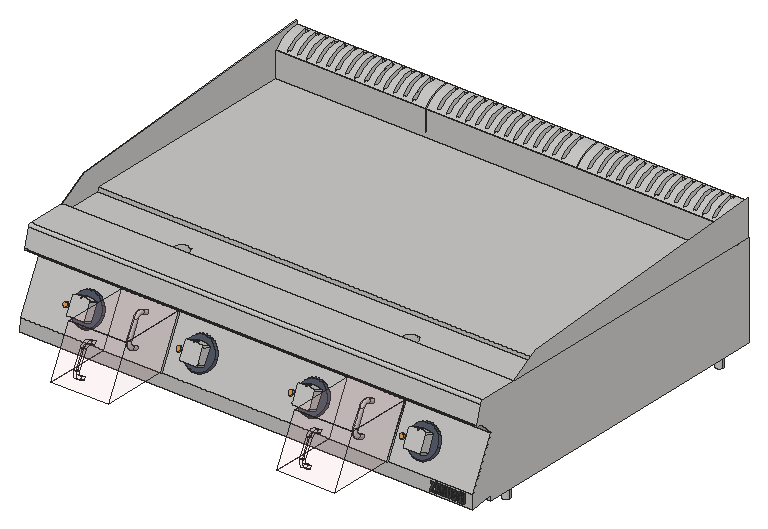
Revit family "QF_ZANUSSI_392404_Z9IIKDAOMIA", category Specialty Equipment, Revit 2018
Family settings
  Round Connector Dimension = Use Diameter
  Part Type = Normal
  Work Plane-Based = No
  Always vertical = Yes
  Cut with Voids When Loaded = No
  Shared = No
  Room Calculation Point = No
Parameters (values of type "Standard")
  Weight = 150.00 kg
  Watts = 0 W
  Volts = 380 V
  URL Manufacturer = "http://www.zanussiprofessional.com"
  URL = "http://www.zanussiprofessional.com"
  Steam Supply Size = 0"
  Steam Supply Minimum Pressure = 0.00 psi
  Steam Supply Maximum Pressure = 0.00 psi
  Steam Pounds per Hour = 0
  Show Logo [instance] = yes
  Show Clearance [instance] = yes
  Refrigeration Suction Line Size = 0"
  Refrigeration Liquid Line Size = 0"
  Refrigerant Compressor Remote = yes
  Phase = 3
  Model = "Z9IIKDAOMIA"
  Manufacturer = "Zanussi"
  Length Actual = 1200 mm  # constant formula
  Item Number = "392404"
  Hot Water Size = 0"
  Height Actual = 250 mm  # constant formula
  HP = "26.8 HP"
  Gas Size = 0"
  Gas KW = 0
  Gas Input Pressure = 0.0 Btu/h
  Direct Waste Size = 0"
  Description = "ELECTRIC FRY TOP HP SMOOTH 1200MM - SCRATCH RESISTANT CHROMIUM"
  Depth Actual = 900 mm  # constant formula
  Cycle = 60 Hz
  Condensate Return Size = 0"
  Compressed Air Volume = 0 GPM
  Compressed Air Size = 0"
  Compressed Air Pressure = 0.00 psi
  Cold Water Size = 0"
  Accessory = yes
Reference planes
  plane 1 "BACK": y = 0
  plane 2: z = 0
  plane 3 "LEFT": x = 0
  plane 4 "RIGHT": x = 1200
  plane 5 "FRONT": y = -915
  plane 6 "TOP": z = 274
  plane 7 "Center Y": x = 600
  plane 8 "Center X": y = -457.5
  plane 9: y = -1106
  plane 10: z = 24
  plane 11: z = 290
  plane 12: z = 410
  plane 13: x = 11
  plane 14: x = 1189
  plane 15: z = 900
  plane 16: z = 995
Forms (mm)
  Extrusion 1, solid, material "QF_Finishes_Stainless Steel"
    sketch origin (0, 0, 626) x (0, 1, 0) y (0, 0, 1)
      loop
        line (0, 24) -> (0, 274) -> (-879.358, 274)
        arc (-879.358, 274) -> (-884.643, 271.811) -> (-886.833, 266.526) r 7.474
        line (-886.833, 266.526) -> (-899.884, 221.011)
        arc (-899.884, 221.011) -> (-899.396, 218.379) -> (-897, 217.184) r 3
        line (-897, 217.184) -> (-886.802, 217.184) -> (-854.982, 185.364) -> (-915, 64.508) -> (-915, 29.508) -> (-858.645, 37.428)
        arc (-858.645, 37.428) -> (-856.101, 36.674) -> (-855, 34.259) r 3.2
        line (-855, 34.259) -> (-855, 24) -> (0, 24)
    from 0 to 1200
  Extrusion 2, solid, material "QF_Finishes_Stainless Steel"
    sketch origin (0, -1, 626) x (1, 0, 0) y (0, 1, 0)
      loop
        circle (11, -81) r 9.525
      loop
        circle (11, -789) r 9.525
      loop
        circle (1189, -81) r 9.525
      loop
        circle (1189, -789) r 9.525
    from 0 to 24
  Extrusion 3, solid, material "QF_Finishes_Stainless Steel"
    sketch origin (635, 203.692, 900) x (0, -1, 0) y (1, 0, 0)
      loop
        line (273.542, 563.412) -> (273.542, -633.413) -> (275.13, -633.413) -> (275.13, 563.412) -> (273.542, 563.412)
    from 0 to 56.233
  Extrusion 4, void
    sketch origin (0, 0, 900) x (0, -1, 0) y (1, 0, 0)
      loop
        line (71.438, 1.587) -> (777.539, 1.587) -> (777.539, 1198.412) -> (71.438, 1198.412) -> (71.438, 1.587)
    from 32.952 to -21.588
  Extrusion 5, solid, material "QF_Finishes_Stainless Steel"
    sketch origin (0, 0, 650) x (-1, 0, 0) y (0, 1, 0)
      loop
        circle (-1144, -50) r 6.35
      loop
        circle (-1144, -654) r 6.35
    from 0 to 5
  Extrusion 6, solid, material "QF_Clearances", visible <- "Show Clearance", detail levels coarse
    sketch origin (0, 0, 626) x (1, 0, 0) y (0, 1, 0)
      loop
        line (0, 0) -> (1200, 0) -> (1200, -915) -> (1350, -915) -> (1350, 100) -> (-150, 100) -> (-150, -915) -> (0, -915) -> (0, 0)
    from 0 to 369
  Extrusion 7, solid, material "QF_Finishes_Stainless Steel"
    sketch origin (0, 0, 635.706) x (0, 1, 0) y (0, 0, 1)
      loop
        line (-660, 254) -> (-660, 242.706) -> (-71.438, 242.706) -> (-71.438, 254) -> (-660, 254)
    from 1.587 to 1198.412
  Extrusion 8, void
    sketch origin (626.521, 0, 626) x (1, 0, 0) y (0, 1, 0)
      loop
        circle (271.879, -743.736) r 20
    from 235.859 to 256.719
  Extrusion 9, solid, material "QF_Finishes_Stainless Steel"
    sketch origin (-15.442, 0, 626) x (0, 1, 0) y (0, 0, 1)
      loop
        line (0, 274) -> (0, 369) -> (-703.927, 316.5) -> (-777.539, 274) -> (0, 274)
    from 15.442 to 17.03
  Extrusion 10, solid, material "QF_Finishes_Stainless Steel"
    sketch origin (0, 0, 655.962) x (0, 1, 0) y (0, 0, 1)
      loop
        line (0, 244.038) -> (0, 331.354)
        arc (0, 331.354) -> (-38.768, 324.268) -> (-69.85, 300.038) r 82.671
        line (-69.85, 300.038) -> (-69.85, 244.038) -> (0, 244.038)
    from 1.588 to 400
  Extrusion 11, void
    sketch origin (0, 0, 930.6) x (0, -1, 0) y (1, 0, 0)
      loop
        line (6.761, 29.703) -> (63.911, 29.703) -> (63.911, 38.999) -> (6.761, 38.999) -> (6.761, 29.703)
      loop
        line (63.911, 64.487) -> (6.761, 64.487) -> (6.761, 55.191) -> (63.911, 55.191) -> (63.911, 64.487)
      loop
        line (63.911, 89.975) -> (6.761, 89.975) -> (6.761, 80.68) -> (63.911, 80.68) -> (63.911, 89.975)
      loop
        line (63.911, 115.464) -> (6.761, 115.464) -> (6.761, 106.168) -> (63.911, 106.168) -> (63.911, 115.464)
      loop
        line (63.911, 140.952) -> (6.761, 140.952) -> (6.761, 131.656) -> (63.911, 131.656) -> (63.911, 140.952)
      loop
        line (63.911, 166.44) -> (6.761, 166.44) -> (6.761, 157.145) -> (63.911, 157.145) -> (63.911, 166.44)
      loop
        line (63.911, 191.929) -> (6.761, 191.929) -> (6.761, 182.633) -> (63.911, 182.633) -> (63.911, 191.929)
      loop
        line (63.911, 217.417) -> (6.761, 217.417) -> (6.761, 208.121) -> (63.911, 208.121) -> (63.911, 217.417)
      loop
        line (63.911, 242.905) -> (6.761, 242.905) -> (6.761, 233.61) -> (63.911, 233.61) -> (63.911, 242.905)
      loop
        line (63.911, 268.394) -> (6.761, 268.394) -> (6.761, 259.098) -> (63.911, 259.098) -> (63.911, 268.394)
      loop
        line (63.911, 293.882) -> (6.761, 293.882) -> (6.761, 284.586) -> (63.911, 284.586) -> (63.911, 293.882)
      loop
        line (63.911, 319.37) -> (6.761, 319.37) -> (6.761, 310.075) -> (63.911, 310.075) -> (63.911, 319.37)
      loop
        line (63.911, 344.859) -> (6.761, 344.859) -> (6.761, 335.563) -> (63.911, 335.563) -> (63.911, 344.859)
      loop
        line (63.911, 370.347) -> (6.761, 370.347) -> (6.761, 361.051) -> (63.911, 361.051) -> (63.911, 370.347)
    from 25.4 to 63.5
  Extrusion 12, solid, material "QF_Finishes_Stainless Steel"
    sketch origin (800, 0, 655.962) x (0, 1, 0) y (0, 0, -1)
      loop
        line (0, -244.038) -> (-69.85, -244.038) -> (-69.85, -300.038)
        arc (-69.85, -300.038) -> (-38.626, -323.809) -> (0, -330.737) r 83.705
        line (0, -330.737) -> (0, -244.038)
    from 0 to 400
  Extrusion 13, void
    sketch origin (596.143, 0, 930.6) x (0, -1, 0) y (1, 0, 0)
      loop
        line (6.761, 170.297) -> (6.761, 161.001) -> (63.911, 161.001) -> (63.911, 170.297) -> (6.761, 170.297)
      loop
        line (63.911, 135.513) -> (63.911, 144.809) -> (6.761, 144.809) -> (6.761, 135.513) -> (63.911, 135.513)
      loop
        line (63.911, 110.025) -> (63.911, 119.32) -> (6.761, 119.32) -> (6.761, 110.025) -> (63.911, 110.025)
      loop
        line (63.911, 84.536) -> (63.911, 93.832) -> (6.761, 93.832) -> (6.761, 84.536) -> (63.911, 84.536)
      loop
        line (63.911, 59.048) -> (63.911, 68.344) -> (6.761, 68.344) -> (6.761, 59.048) -> (63.911, 59.048)
      loop
        line (63.911, 33.56) -> (63.911, 42.855) -> (6.761, 42.855) -> (6.761, 33.56) -> (63.911, 33.56)
      loop
        line (63.911, 8.071) -> (63.911, 17.367) -> (6.761, 17.367) -> (6.761, 8.071) -> (63.911, 8.071)
      loop
        line (63.911, -17.417) -> (63.911, -8.121) -> (6.761, -8.121) -> (6.761, -17.417) -> (63.911, -17.417)
      loop
        line (63.911, -42.905) -> (63.911, -33.61) -> (6.761, -33.61) -> (6.761, -42.905) -> (63.911, -42.905)
      loop
        line (63.911, -68.394) -> (63.911, -59.098) -> (6.761, -59.098) -> (6.761, -68.394) -> (63.911, -68.394)
      loop
        line (63.911, -93.882) -> (63.911, -84.586) -> (6.761, -84.586) -> (6.761, -93.882) -> (63.911, -93.882)
      loop
        line (63.911, -119.37) -> (63.911, -110.075) -> (6.761, -110.075) -> (6.761, -119.37) -> (63.911, -119.37)
      loop
        line (63.911, -144.859) -> (63.911, -135.563) -> (6.761, -135.563) -> (6.761, -144.859) -> (63.911, -144.859)
      loop
        line (63.911, -170.347) -> (63.911, -161.051) -> (6.761, -161.051) -> (6.761, -170.347) -> (63.911, -170.347)
    from 25.4 to 63.5
  Blend 14, solid, material "QF_Finishes_Navy Blue"
    base sketch origin (155, -884.991, 750.936) x (1, 0, 0) y (0, 0.444781, 0.895639)
      loop
        circle (0, 0) r 42.5
    top sketch origin (155, -884.991, 750.936) x (1, 0, 0) y (0, 0.444781, 0.895639)
      loop
        circle (0, 0) r 40.5
    from 0 to 5
  Extrusion 15, solid, material "QF_Finishes_Stainless Steel"
    sketch origin (155, -884.991, 750.936) x (1, 0, 0) y (0, 0.444781, 0.895639)
      loop
        arc (-21.147, 22.789) -> (-22.494, 21.685) -> (-23, 20.019) r 2.997
        line (-23, 20.019) -> (-23, -20.019)
        arc (-23, -20.019) -> (-22.122, -22.138) -> (-20.003, -23.016) r 2.997
        line (-20.003, -23.016) -> (20.003, -23.016)
        arc (20.003, -23.016) -> (22.122, -22.138) -> (23, -20.019) r 2.997
        line (23, -20.019) -> (23, 20.019)
        arc (23, 20.019) -> (22.494, 21.685) -> (21.147, 22.789) r 2.997
        arc (21.147, 22.789) -> (0, 26.984) -> (-21.147, 22.789) r 55.4
    from 10 to 34
  Extrusion 16, solid, material "QF_Finishes_Stainless Steel"
    sketch origin (155, -884.991, 750.936) x (1, 0, 0) y (0, 0.444781, 0.895639)
      loop
        line (17.5, 17.5) -> (-17.5, 17.5) -> (-17.5, -17.5) -> (17.5, -17.5) -> (17.5, 17.5)
    from 5 to 10
  Extrusion 17, solid, material "QF_Plastic-Black-Matte"
    sketch origin (97.5, -884.991, 750.936) x (0, 0.444781, 0.895639) y (0, 0.895639, -0.444781)
      loop
        line (26.984, -34) -> (23.984, -34) -> (23.984, -35) -> (26.984, -35)
        arc (26.984, -35) -> (27.691, -34.707) -> (27.984, -34) r 1
        line (27.984, -34) -> (27.984, -19) -> (26.984, -19) -> (26.984, -34)
    from -58.5 to -56.5
  Extrusion 18, solid, material "QF_Finishes_Orange"
    sketch origin (155, -888.072, 744.733) x (1, 0, 0) y (0, 0.444781, 0.895639)
      loop
        circle (-55.001, 0) r 6
    from 0 to 1.6
  Blend 19, solid, material "QF_Finishes_Navy Blue"
    base sketch origin (647.5, -884.991, 750.936) x (1, 0, 0) y (0, 0.444781, 0.895639)
      loop
        circle (400, 0) r 42.5
    top sketch origin (647.5, -884.991, 750.936) x (1, 0, 0) y (0, 0.444781, 0.895639)
      loop
        circle (400, 0) r 40.5
    from 0 to 5
  Extrusion 20, solid, material "QF_Finishes_Stainless Steel"
    sketch origin (647.5, -884.991, 750.936) x (1, 0, 0) y (0, 0.444781, 0.895639)
      loop
        arc (378.853, 22.789) -> (377.506, 21.685) -> (377, 20.019) r 2.997
        line (377, 20.019) -> (377, -20.019)
        arc (377, -20.019) -> (377.878, -22.138) -> (379.997, -23.016) r 2.997
        line (379.997, -23.016) -> (420.003, -23.016)
        arc (420.003, -23.016) -> (422.122, -22.138) -> (423, -20.019) r 2.997
        line (423, -20.019) -> (423, 20.019)
        arc (423, 20.019) -> (422.494, 21.685) -> (421.147, 22.789) r 2.997
        arc (421.147, 22.789) -> (400, 26.984) -> (378.853, 22.789) r 55.4
    from 10 to 34
  Extrusion 21, solid, material "QF_Finishes_Stainless Steel"
    sketch origin (647.5, -884.991, 750.936) x (1, 0, 0) y (0, 0.444781, 0.895639)
      loop
        line (417.5, 17.5) -> (382.5, 17.5) -> (382.5, -17.5) -> (417.5, -17.5) -> (417.5, 17.5)
    from 5 to 10
  Extrusion 22, solid, material "QF_Plastic-Black-Matte"
    sketch origin (990, -884.991, 750.936) x (0, 0.444781, 0.895639) y (0, 0.895639, -0.444781)
      loop
        line (26.984, -34) -> (23.984, -34) -> (23.984, -35) -> (26.984, -35)
        arc (26.984, -35) -> (27.691, -34.707) -> (27.984, -34) r 1
        line (27.984, -34) -> (27.984, -19) -> (26.984, -19) -> (26.984, -34)
    from -58.5 to -56.5
  Extrusion 23, solid, material "QF_Finishes_Orange"
    sketch origin (647.5, -888.072, 744.733) x (1, 0, 0) y (0, 0.444781, 0.895639)
      loop
        circle (344.999, 0) r 6
    from 0 to 1.6
  Extrusion 24, solid, material "QF_Finishes_Stainless Steel"
    sketch origin (498.735, -295.047, 230.1) x (0, 0.444781, 0.895639) y (-1, 0, 0)
      loop
        line (136.616, 122.735) -> (271.616, 122.735) -> (271.616, 274.735) -> (136.616, 274.735) -> (136.616, 122.735)
    from 760.035 to 763.551
  Sweep 25, solid, material "QF_Finishes_Stainless Steel"
    path origin (298.545, 126.359, 733.982) x (0, -0.444781, -0.895639) y (0, -0.895639, 0.444781)
      loop
        line (468.014, 916.861) -> (468.014, 932.736)
        arc (468.014, 932.736) -> (464.793, 940.513) -> (457.015, 943.735) r 10.999
        line (457.015, 943.735) -> (410.212, 943.735)
        arc (410.212, 943.735) -> (402.435, 940.513) -> (399.214, 932.736) r 10.999
        line (399.214, 932.736) -> (399.214, 916.861)
    profile origin (298.545, -879.49, 787.764) x (0, -0.444781, -0.895639) y (-1, 0, 0)
      loop
        circle (-4.691, 0) r 4.691
  Extrusion 26, solid, material "QF_Finishes_Clearance"
    sketch origin (2.32, -294.882, 229.583) x (0, 0.895639, -0.444781) y (0, 0.444781, 0.895639)
      loop
        line (-763.929, 272.005) -> (-920.503, 194.25) -> (-920.503, 59.25) -> (-763.929, 137.005) -> (-763.929, 272.005)
    from 221.68 to 374.05
  Extrusion 27, solid, material "QF_Finishes_Clearance"
    sketch origin (7.32, -283.593, 171.621) x (0, 0.895639, -0.444781) y (0, 0.444781, 0.895639)
      loop
        line (-972.705, 212.765) -> (-956.394, 212.765) -> (-956.394, 222.134) -> (-972.749, 222.134)
        arc (-972.749, 222.134) -> (-986.81, 216.31) -> (-992.634, 202.249) r 19.885
        line (-992.634, 202.249) -> (-992.634, 154.481)
        arc (-992.634, 154.481) -> (-986.81, 140.42) -> (-972.749, 134.596) r 19.885
        line (-972.749, 134.596) -> (-956.394, 134.582) -> (-956.394, 143.982) -> (-972.749, 143.982)
        arc (-972.749, 143.982) -> (-980.163, 147.067) -> (-983.234, 154.481) r 10.485
        line (-983.234, 154.481) -> (-983.234, 202.249)
        arc (-983.234, 202.249) -> (-980.163, 209.663) -> (-972.749, 212.734) r 10.485
    from 286.527 to 295.917
  Extrusion 28, solid, material "QF_Finishes_Stainless Steel"
    sketch origin (1200, 0, 655.962) x (0, 1, 0) y (0, 0, -1)
      loop
        line (0, -244.038) -> (-69.85, -244.038) -> (-69.85, -300.038)
        arc (-69.85, -300.038) -> (-38.626, -323.809) -> (0, -330.737) r 83.705
        line (0, -330.737) -> (0, -244.038)
    from 1.587 to 400
  Extrusion 29, void
    sketch origin (996.143, 0, 930.6) x (0, -1, 0) y (1, 0, 0)
      loop
        line (6.761, 170.297) -> (6.761, 161.001) -> (63.911, 161.001) -> (63.911, 170.297) -> (6.761, 170.297)
      loop
        line (63.911, 135.513) -> (63.911, 144.809) -> (6.761, 144.809) -> (6.761, 135.513) -> (63.911, 135.513)
      loop
        line (63.911, 110.025) -> (63.911, 119.32) -> (6.761, 119.32) -> (6.761, 110.025) -> (63.911, 110.025)
      loop
        line (63.911, 84.536) -> (63.911, 93.832) -> (6.761, 93.832) -> (6.761, 84.536) -> (63.911, 84.536)
      loop
        line (63.911, 59.048) -> (63.911, 68.344) -> (6.761, 68.344) -> (6.761, 59.048) -> (63.911, 59.048)
      loop
        line (63.911, 33.56) -> (63.911, 42.855) -> (6.761, 42.855) -> (6.761, 33.56) -> (63.911, 33.56)
      loop
        line (63.911, 8.071) -> (63.911, 17.367) -> (6.761, 17.367) -> (6.761, 8.071) -> (63.911, 8.071)
      loop
        line (63.911, -17.417) -> (63.911, -8.121) -> (6.761, -8.121) -> (6.761, -17.417) -> (63.911, -17.417)
      loop
        line (63.911, -42.905) -> (63.911, -33.61) -> (6.761, -33.61) -> (6.761, -42.905) -> (63.911, -42.905)
      loop
        line (63.911, -68.394) -> (63.911, -59.098) -> (6.761, -59.098) -> (6.761, -68.394) -> (63.911, -68.394)
      loop
        line (63.911, -93.882) -> (63.911, -84.586) -> (6.761, -84.586) -> (6.761, -93.882) -> (63.911, -93.882)
      loop
        line (63.911, -119.37) -> (63.911, -110.075) -> (6.761, -110.075) -> (6.761, -119.37) -> (63.911, -119.37)
      loop
        line (63.911, -144.859) -> (63.911, -135.563) -> (6.761, -135.563) -> (6.761, -144.859) -> (63.911, -144.859)
      loop
        line (63.911, -170.347) -> (63.911, -161.051) -> (6.761, -161.051) -> (6.761, -170.347) -> (63.911, -170.347)
    from 25.4 to 63.5
  Extrusion 30, solid, material "QF_Finishes_Stainless Steel"
    sketch origin (10.04, 0, 725.828) x (0, 0, 1) y (1, 0, 0)
      loop
        circle (-34.828, 1142.96) r 6.5
    from 0 to 10
  Extrusion 31, solid, material "QF_Finishes_Stainless Steel"
    sketch origin (1098.735, -295.047, 230.1) x (0, 0.444781, 0.895639) y (-1, 0, 0)
      loop
        line (136.616, 122.735) -> (271.616, 122.735) -> (271.616, 274.735) -> (136.616, 274.735) -> (136.616, 122.735)
    from 760.035 to 763.551
  Sweep 32, solid, material "QF_Finishes_Stainless Steel"
    path origin (898.545, 126.359, 733.982) x (0, -0.444781, -0.895639) y (0, -0.895639, 0.444781)
      loop
        line (468.014, 916.861) -> (468.014, 932.736)
        arc (468.014, 932.736) -> (464.793, 940.513) -> (457.015, 943.735) r 10.999
        line (457.015, 943.735) -> (410.212, 943.735)
        arc (410.212, 943.735) -> (402.435, 940.513) -> (399.214, 932.736) r 10.999
        line (399.214, 932.736) -> (399.214, 916.861)
    profile origin (898.545, -879.49, 787.764) x (0, -0.444781, -0.895639) y (-1, 0, 0)
      loop
        circle (-4.691, 0) r 4.691
  Blend 33, solid, material "QF_Finishes_Navy Blue"
    base sketch origin (455, -884.991, 750.936) x (1, 0, 0) y (0, 0.444781, 0.895639)
      loop
        circle (0, 0) r 42.5
    top sketch origin (455, -884.991, 750.936) x (1, 0, 0) y (0, 0.444781, 0.895639)
      loop
        circle (0, 0) r 40.5
    from 0 to 5
  Extrusion 34, solid, material "QF_Finishes_Stainless Steel"
    sketch origin (455, -884.991, 750.936) x (1, 0, 0) y (0, 0.444781, 0.895639)
      loop
        arc (-21.147, 22.789) -> (-22.494, 21.685) -> (-23, 20.019) r 2.997
        line (-23, 20.019) -> (-23, -20.019)
        arc (-23, -20.019) -> (-22.122, -22.138) -> (-20.003, -23.016) r 2.997
        line (-20.003, -23.016) -> (20.003, -23.016)
        arc (20.003, -23.016) -> (22.122, -22.138) -> (23, -20.019) r 2.997
        line (23, -20.019) -> (23, 20.019)
        arc (23, 20.019) -> (22.494, 21.685) -> (21.147, 22.789) r 2.997
        arc (21.147, 22.789) -> (0, 26.984) -> (-21.147, 22.789) r 55.4
    from 10 to 34
  Extrusion 35, solid, material "QF_Finishes_Stainless Steel"
    sketch origin (455, -884.991, 750.936) x (1, 0, 0) y (0, 0.444781, 0.895639)
      loop
        line (17.5, 17.5) -> (-17.5, 17.5) -> (-17.5, -17.5) -> (17.5, -17.5) -> (17.5, 17.5)
    from 5 to 10
  Extrusion 36, solid, material "QF_Plastic-Black-Matte"
    sketch origin (397.5, -884.991, 750.936) x (0, 0.444781, 0.895639) y (0, 0.895639, -0.444781)
      loop
        line (26.984, -34) -> (23.984, -34) -> (23.984, -35) -> (26.984, -35)
        arc (26.984, -35) -> (27.691, -34.707) -> (27.984, -34) r 1
        line (27.984, -34) -> (27.984, -19) -> (26.984, -19) -> (26.984, -34)
    from -58.5 to -56.5
  Extrusion 37, solid, material "QF_Finishes_Orange"
    sketch origin (455, -888.072, 744.733) x (1, 0, 0) y (0, 0.444781, 0.895639)
      loop
        circle (-55.001, 0) r 6
    from 0 to 1.6
  Blend 38, solid, material "QF_Finishes_Navy Blue"
    base sketch origin (352.5, -884.991, 750.936) x (1, 0, 0) y (0, 0.444781, 0.895639)
      loop
        circle (400, 0) r 42.5
    top sketch origin (352.5, -884.991, 750.936) x (1, 0, 0) y (0, 0.444781, 0.895639)
      loop
        circle (400, 0) r 40.5
    from 0 to 5
  Extrusion 39, solid, material "QF_Finishes_Stainless Steel"
    sketch origin (352.5, -884.991, 750.936) x (1, 0, 0) y (0, 0.444781, 0.895639)
      loop
        arc (378.853, 22.789) -> (377.506, 21.685) -> (377, 20.019) r 2.997
        line (377, 20.019) -> (377, -20.019)
        arc (377, -20.019) -> (377.878, -22.138) -> (379.997, -23.016) r 2.997
        line (379.997, -23.016) -> (420.003, -23.016)
        arc (420.003, -23.016) -> (422.122, -22.138) -> (423, -20.019) r 2.997
        line (423, -20.019) -> (423, 20.019)
        arc (423, 20.019) -> (422.494, 21.685) -> (421.147, 22.789) r 2.997
        arc (421.147, 22.789) -> (400, 26.984) -> (378.853, 22.789) r 55.4
    from 10 to 34
  Extrusion 40, solid, material "QF_Finishes_Stainless Steel"
    sketch origin (352.5, -884.991, 750.936) x (1, 0, 0) y (0, 0.444781, 0.895639)
      loop
        line (417.5, 17.5) -> (382.5, 17.5) -> (382.5, -17.5) -> (417.5, -17.5) -> (417.5, 17.5)
    from 5 to 10
  Extrusion 41, solid, material "QF_Plastic-Black-Matte"
    sketch origin (695, -884.991, 750.936) x (0, 0.444781, 0.895639) y (0, 0.895639, -0.444781)
      loop
        line (26.984, -34) -> (23.984, -34) -> (23.984, -35) -> (26.984, -35)
        arc (26.984, -35) -> (27.691, -34.707) -> (27.984, -34) r 1
        line (27.984, -34) -> (27.984, -19) -> (26.984, -19) -> (26.984, -34)
    from -58.5 to -56.5
  Extrusion 42, solid, material "QF_Finishes_Orange"
    sketch origin (352.5, -888.072, 744.733) x (1, 0, 0) y (0, 0.444781, 0.895639)
      loop
        circle (344.999, 0) r 6
    from 0 to 1.6
  Extrusion 43, solid, material "QF_Finishes_Clearance"
    sketch origin (602.32, -294.882, 229.583) x (0, 0.895639, -0.444781) y (0, 0.444781, 0.895639)
      loop
        line (-763.929, 272.005) -> (-920.503, 194.25) -> (-920.503, 59.25) -> (-763.929, 137.005) -> (-763.929, 272.005)
    from 221.68 to 374.05
  Extrusion 44, solid, material "QF_Finishes_Clearance"
    sketch origin (607.32, -283.593, 171.621) x (0, 0.895639, -0.444781) y (0, 0.444781, 0.895639)
      loop
        line (-972.705, 212.765) -> (-956.394, 212.765) -> (-956.394, 222.134) -> (-972.749, 222.134)
        arc (-972.749, 222.134) -> (-986.81, 216.31) -> (-992.634, 202.249) r 19.885
        line (-992.634, 202.249) -> (-992.634, 154.481)
        arc (-992.634, 154.481) -> (-986.81, 140.42) -> (-972.749, 134.596) r 19.885
        line (-972.749, 134.596) -> (-956.394, 134.582) -> (-956.394, 143.982) -> (-972.749, 143.982)
        arc (-972.749, 143.982) -> (-980.163, 147.067) -> (-983.234, 154.481) r 10.485
        line (-983.234, 154.481) -> (-983.234, 202.249)
        arc (-983.234, 202.249) -> (-980.163, 209.663) -> (-972.749, 212.734) r 10.485
    from 286.527 to 295.917
  Extrusion 45, void
    sketch origin (19.721, 0, 626) x (1, 0, 0) y (0, 1, 0)
      loop
        circle (271.879, -743.736) r 20
    from 235.859 to 275
  Extrusion 46, solid, material "QF_Finishes_Stainless Steel"
    sketch origin (1215.442, 0, 626) x (0, 1, 0) y (0, 0, -1)
      loop
        line (0, -274) -> (-777.539, -274) -> (-703.927, -316.5) -> (0, -369) -> (0, -274)
    from 15.442 to 17.03
Cuts and joins
  Extrusion 4, Extrusion 8, Extrusion 45 cuts Extrusion 1
  Extrusion 4, Extrusion 45 cuts Extrusion 3
  Extrusion 4, Extrusion 45 cuts Extrusion 9
  joined: Extrusion 1, Extrusion 3, Extrusion 9
  Extrusion 8, Extrusion 45 cuts Extrusion 7
  Extrusion 11, Extrusion 13 cuts Extrusion 10
  Extrusion 13, Extrusion 29 cuts Extrusion 12
  Extrusion 29 cuts Extrusion 28
Lines and regions (mm)
  Split face 1
    outline origin (155, -889.469, 753.16) x (1, 0, 0) y (0, 0.444781, 0.895639)
      loop
        circle (-34, 0) r 1.5
  Split face 2
    outline origin (155, -889.469, 753.16) x (1, 0, 0) y (0, 0.444781, 0.895639)
      loop
        circle (-30.633, -14.752) r 1.5
  Split face 3
    outline origin (155, -889.469, 753.16) x (1, 0, 0) y (0, 0.444781, 0.895639)
      loop
        circle (-21.199, -26.582) r 1.5
  Split face 4
    outline origin (155, -889.469, 753.16) x (1, 0, 0) y (0, 0.444781, 0.895639)
      loop
        circle (-7.566, -33.148) r 1.5
  Split face 5
    outline origin (155, -889.469, 753.16) x (1, 0, 0) y (0, 0.444781, 0.895639)
      loop
        circle (7.566, -33.148) r 1.5
  Split face 6
    outline origin (155, -889.469, 753.16) x (1, 0, 0) y (0, 0.444781, 0.895639)
      loop
        circle (21.199, -26.582) r 1.5
  Split face 7
    outline origin (155, -889.469, 753.16) x (1, 0, 0) y (0, 0.444781, 0.895639)
      loop
        circle (30.633, -14.752) r 1.5
  Split face 8
    outline origin (155, -889.469, 753.16) x (1, 0, 0) y (0, 0.444781, 0.895639)
      loop
        circle (34, 0) r 1.5
  Split face 9
    outline origin (176.665, -886.175, 759.794) x (1, 0, 0) y (0, 0.444781, 0.895639)
      loop
        circle (-21.665, 26.582) r 1.5
  Split face 10
    outline origin (455, -889.469, 753.16) x (1, 0, 0) y (0, 0.444781, 0.895639)
      loop
        circle (-34, 0) r 1.5
  Split face 11
    outline origin (455, -889.469, 753.16) x (1, 0, 0) y (0, 0.444781, 0.895639)
      loop
        circle (-30.633, -14.752) r 1.5
  Split face 12
    outline origin (455, -889.469, 753.16) x (1, 0, 0) y (0, 0.444781, 0.895639)
      loop
        circle (-21.199, -26.582) r 1.5
  Split face 13
    outline origin (455, -889.469, 753.16) x (1, 0, 0) y (0, 0.444781, 0.895639)
      loop
        circle (-7.566, -33.148) r 1.5
  Split face 14
    outline origin (455, -889.469, 753.16) x (1, 0, 0) y (0, 0.444781, 0.895639)
      loop
        circle (7.566, -33.148) r 1.5
  Split face 15
    outline origin (455, -889.469, 753.16) x (1, 0, 0) y (0, 0.444781, 0.895639)
      loop
        circle (21.199, -26.582) r 1.5
  Split face 16
    outline origin (455, -889.469, 753.16) x (1, 0, 0) y (0, 0.444781, 0.895639)
      loop
        circle (30.633, -14.752) r 1.5
  Split face 17
    outline origin (455, -889.469, 753.16) x (1, 0, 0) y (0, 0.444781, 0.895639)
      loop
        circle (34, 0) r 1.5
  Split face 18
    outline origin (476.665, -886.175, 759.794) x (1, 0, 0) y (0, 0.444781, 0.895639)
      loop
        circle (-21.665, 26.582) r 1.5
  symbolic lines, style "QF_Clearances", visible <- "Show Clearance", detail levels coarse
    curve 1: line (1350, -915, 0) -> (1350, 100, 0)
    curve 2: line (1350, 100, 0) -> (-150, 100, 0)
    curve 3: line (-150, 100, 0) -> (-150, -915, 0)
  symbolic lines
    curve 4: line (1200, -915, 0) -> (1200, 0, 0)
    curve 5: line (1200, 0, 0) -> (0, 0, 0)
    curve 6: line (0, 0, 0) -> (0, -915, 0)
    curve 7: line (1198.412, -777.539, 0) -> (1.588, -777.539, 0)
    curve 8: line (1.588, 0, 0) -> (1.588, -777.539, 0)
    curve 9: line (1198.412, -71.438, 0) -> (1.588, -71.438, 0)
    curve 10: line (1198.412, -777.539, 0) -> (1198.412, 0, 0)
    curve 11: line (38.999, -6.761, 0) -> (38.999, -63.911, 0)
    curve 12: line (38.999, -63.911, 0) -> (29.703, -63.911, 0)
    curve 13: line (29.703, -63.911, 0) -> (29.703, -6.761, 0)
    curve 14: line (29.703, -6.761, 0) -> (38.999, -6.761, 0)
    curve 15: line (55.191, -63.911, 0) -> (55.191, -6.761, 0)
    curve 16: line (55.191, -6.761, 0) -> (64.487, -6.761, 0)
    curve 17: line (64.487, -6.761, 0) -> (64.487, -63.911, 0)
    curve 18: line (64.487, -63.911, 0) -> (55.191, -63.911, 0)
    curve 19: line (89.975, -6.761, 0) -> (89.975, -63.911, 0)
    curve 20: line (89.975, -63.911, 0) -> (80.68, -63.911, 0)
    curve 21: line (80.68, -63.911, 0) -> (80.68, -6.761, 0)
    curve 22: line (80.68, -6.761, 0) -> (89.975, -6.761, 0)
    curve 23: line (115.464, -6.761, 0) -> (115.464, -63.911, 0)
    curve 24: line (115.464, -63.911, 0) -> (106.168, -63.911, 0)
    curve 25: line (106.168, -63.911, 0) -> (106.168, -6.761, 0)
    curve 26: line (106.168, -6.761, 0) -> (115.464, -6.761, 0)
    curve 27: line (140.952, -6.761, 0) -> (140.952, -63.911, 0)
    curve 28: line (140.952, -63.911, 0) -> (131.656, -63.911, 0)
    curve 29: line (131.656, -63.911, 0) -> (131.656, -6.761, 0)
    curve 30: line (131.656, -6.761, 0) -> (140.952, -6.761, 0)
    curve 31: line (166.44, -6.761, 0) -> (166.44, -63.911, 0)
    curve 32: line (166.44, -63.911, 0) -> (157.145, -63.911, 0)
    curve 33: line (157.145, -63.911, 0) -> (157.145, -6.761, 0)
    curve 34: line (157.145, -6.761, 0) -> (166.44, -6.761, 0)
    curve 35: line (191.929, -6.761, 0) -> (191.929, -63.911, 0)
    curve 36: line (191.929, -63.911, 0) -> (182.633, -63.911, 0)
    curve 37: line (182.633, -63.911, 0) -> (182.633, -6.761, 0)
    curve 38: line (182.633, -6.761, 0) -> (191.929, -6.761, 0)
    curve 39: line (208.121, -63.911, 0) -> (208.121, -6.761, 0)
    curve 40: line (208.121, -6.761, 0) -> (217.417, -6.761, 0)
    curve 41: line (217.417, -6.761, 0) -> (217.417, -63.911, 0)
    curve 42: line (217.417, -63.911, 0) -> (208.121, -63.911, 0)
    curve 43: line (361.001, -6.761, 0) -> (361.001, -63.911, 0)
    curve 44: line (361.001, -63.911, 0) -> (370.297, -63.911, 0)
    curve 45: line (370.297, -63.911, 0) -> (370.297, -6.761, 0)
    curve 46: line (370.297, -6.761, 0) -> (361.001, -6.761, 0)
    curve 47: line (344.809, -63.911, 0) -> (344.809, -6.761, 0)
    curve 48: line (344.809, -6.761, 0) -> (335.513, -6.761, 0)
    curve 49: line (335.513, -6.761, 0) -> (335.513, -63.911, 0)
    curve 50: line (335.513, -63.911, 0) -> (344.809, -63.911, 0)
    curve 51: line (310.025, -6.761, 0) -> (310.025, -63.911, 0)
    curve 52: line (310.025, -63.911, 0) -> (319.32, -63.911, 0)
    curve 53: line (319.32, -63.911, 0) -> (319.32, -6.761, 0)
    curve 54: line (319.32, -6.761, 0) -> (310.025, -6.761, 0)
    curve 55: line (284.536, -6.761, 0) -> (284.536, -63.911, 0)
    curve 56: line (284.536, -63.911, 0) -> (293.832, -63.911, 0)
    curve 57: line (293.832, -63.911, 0) -> (293.832, -6.761, 0)
    curve 58: line (293.832, -6.761, 0) -> (284.536, -6.761, 0)
    curve 59: line (259.048, -6.761, 0) -> (259.048, -63.911, 0)
    curve 60: line (259.048, -63.911, 0) -> (268.344, -63.911, 0)
    curve 61: line (268.344, -63.911, 0) -> (268.344, -6.761, 0)
    curve 62: line (268.344, -6.761, 0) -> (259.048, -6.761, 0)
    curve 63: line (233.56, -6.761, 0) -> (233.56, -63.911, 0)
    curve 64: line (233.56, -63.911, 0) -> (242.855, -63.911, 0)
    curve 65: line (242.855, -63.911, 0) -> (242.855, -6.761, 0)
    curve 66: line (242.855, -6.761, 0) -> (233.56, -6.761, 0)
    curve 67: arc (878.4, -743.736, 0) -> (898.4, -723.736, 0) -> (918.4, -743.736, 0) r 20
    curve 68: arc (878.4, -743.736, 0) -> (898.4, -763.736, 0) -> (918.4, -743.736, 0) r 20
    curve 69: line (757.095, -6.761, 0) -> (757.095, -63.911, 0)
    curve 70: line (757.095, -63.911, 0) -> (766.39, -63.911, 0)
    curve 71: line (766.39, -63.911, 0) -> (766.39, -6.761, 0)
    curve 72: line (766.39, -6.761, 0) -> (757.095, -6.761, 0)
    curve 73: line (740.902, -63.911, 0) -> (740.902, -6.761, 0)
    curve 74: line (740.902, -6.761, 0) -> (731.606, -6.761, 0)
    curve 75: line (731.606, -6.761, 0) -> (731.606, -63.911, 0)
    curve 76: line (731.606, -63.911, 0) -> (740.902, -63.911, 0)
    curve 77: line (706.118, -6.761, 0) -> (706.118, -63.911, 0)
    curve 78: line (706.118, -63.911, 0) -> (715.414, -63.911, 0)
    curve 79: line (715.414, -63.911, 0) -> (715.414, -6.761, 0)
    curve 80: line (715.414, -6.761, 0) -> (706.118, -6.761, 0)
    curve 81: line (680.63, -6.761, 0) -> (680.63, -63.911, 0)
    curve 82: line (680.63, -63.911, 0) -> (689.925, -63.911, 0)
    curve 83: line (689.925, -63.911, 0) -> (689.925, -6.761, 0)
    curve 84: line (689.925, -6.761, 0) -> (680.63, -6.761, 0)
    curve 85: line (655.141, -6.761, 0) -> (655.141, -63.911, 0)
    curve 86: line (655.141, -63.911, 0) -> (664.437, -63.911, 0)
    curve 87: line (664.437, -63.911, 0) -> (664.437, -6.761, 0)
    curve 88: line (664.437, -6.761, 0) -> (655.141, -6.761, 0)
    curve 89: line (629.653, -6.761, 0) -> (629.653, -63.911, 0)
    curve 90: line (629.653, -63.911, 0) -> (638.949, -63.911, 0)
    curve 91: line (638.949, -63.911, 0) -> (638.949, -6.761, 0)
    curve 92: line (638.949, -6.761, 0) -> (629.653, -6.761, 0)
    curve 93: line (604.164, -6.761, 0) -> (604.164, -63.911, 0)
    curve 94: line (604.164, -63.911, 0) -> (613.46, -63.911, 0)
    curve 95: line (613.46, -63.911, 0) -> (613.46, -6.761, 0)
    curve 96: line (613.46, -6.761, 0) -> (604.164, -6.761, 0)
    curve 97: line (587.972, -63.911, 0) -> (587.972, -6.761, 0)
    curve 98: line (587.972, -6.761, 0) -> (578.676, -6.761, 0)
    curve 99: line (578.676, -6.761, 0) -> (578.676, -63.911, 0)
    curve 100: line (578.676, -63.911, 0) -> (587.972, -63.911, 0)
    curve 101: line (435.092, -6.761, 0) -> (435.092, -63.911, 0)
    curve 102: line (435.092, -63.911, 0) -> (425.796, -63.911, 0)
    curve 103: line (425.796, -63.911, 0) -> (425.796, -6.761, 0)
    curve 104: line (425.796, -6.761, 0) -> (435.092, -6.761, 0)
    curve 105: line (451.284, -63.911, 0) -> (451.284, -6.761, 0)
    curve 106: line (451.284, -6.761, 0) -> (460.58, -6.761, 0)
    curve 107: line (460.58, -6.761, 0) -> (460.58, -63.911, 0)
    curve 108: line (460.58, -63.911, 0) -> (451.284, -63.911, 0)
    curve 109: line (486.068, -6.761, 0) -> (486.068, -63.911, 0)
    curve 110: line (486.068, -63.911, 0) -> (476.773, -63.911, 0)
    curve 111: line (476.773, -63.911, 0) -> (476.773, -6.761, 0)
    curve 112: line (476.773, -6.761, 0) -> (486.068, -6.761, 0)
    curve 113: line (511.557, -6.761, 0) -> (511.557, -63.911, 0)
    curve 114: line (511.557, -63.911, 0) -> (502.261, -63.911, 0)
    curve 115: line (502.261, -63.911, 0) -> (502.261, -6.761, 0)
    curve 116: line (502.261, -6.761, 0) -> (511.557, -6.761, 0)
    curve 117: line (537.045, -6.761, 0) -> (537.045, -63.911, 0)
    curve 118: line (537.045, -63.911, 0) -> (527.749, -63.911, 0)
    curve 119: line (527.749, -63.911, 0) -> (527.749, -6.761, 0)
    curve 120: line (527.749, -6.761, 0) -> (537.045, -6.761, 0)
    curve 121: line (562.534, -6.761, 0) -> (562.534, -63.911, 0)
    curve 122: line (562.534, -63.911, 0) -> (553.238, -63.911, 0)
    curve 123: line (553.238, -63.911, 0) -> (553.238, -6.761, 0)
    curve 124: line (553.238, -6.761, 0) -> (562.534, -6.761, 0)
    curve 125: line (1.588, -69.85, 0) -> (1198.412, -69.85, 0)
    curve 126: line (600, -69.85, 0) -> (600, 0, 0)
    curve 127: line (0, -900, 0) -> (1200, -900, 0)
    curve 128: line (132, -900, 0) -> (132, -924.347, 0)
    curve 129: arc (132, -924.347, 0) -> (132.146, -924.811, 0) -> (132.532, -925.107, 0) r 0.809
    curve 130: arc (132.532, -925.107, 0) -> (133.72, -925.587, 0) -> (134.997, -925.68, 0) r 4.127
    curve 131: arc (132, -904.292, 0) -> (126.959, -902.458, 0) -> (122.191, -900, 0) r 42.24
    curve 132: arc (132, -906.539, 0) -> (132.502, -905.818, 0) -> (133.299, -905.448, 0) r 1.682
    curve 133: arc (133.299, -905.448, 0) -> (143.63, -904.488, 0) -> (154, -904.162, 0) r 169.357
    curve 134: line (154, -900, 0) -> (154, -905.671, 0)
    curve 135: line (154, -905.671, 0) -> (156, -905.671, 0)
    curve 136: line (156, -905.671, 0) -> (156, -900, 0)
    curve 137: line (178, -900, 0) -> (178, -924.347, 0)
    curve 138: arc (178, -924.347, 0) -> (177.854, -924.811, 0) -> (177.468, -925.107, 0) r 0.809
    curve 139: arc (177.468, -925.107, 0) -> (176.28, -925.587, 0) -> (175.003, -925.68, 0) r 4.127
    curve 140: arc (178, -904.292, 0) -> (183.041, -902.458, 0) -> (187.809, -900, 0) r 42.24
    curve 141: arc (178, -906.539, 0) -> (177.498, -905.818, 0) -> (176.701, -905.448, 0) r 1.682
    curve 142: arc (176.701, -905.448, 0) -> (166.37, -904.488, 0) -> (156, -904.162, 0) r 169.357
    curve 143: line (134.997, -925.68, 0) -> (175.003, -925.68, 0)
    curve 144: line (1070.5, -900, 0) -> (1070.5, -924.347, 0)
    curve 145: arc (1070.5, -924.347, 0) -> (1070.354, -924.811, 0) -> (1069.968, -925.107, 0) r 0.809
    curve 146: arc (1069.968, -925.107, 0) -> (1068.78, -925.587, 0) -> (1067.503, -925.68, 0) r 4.127
    curve 147: arc (1070.5, -904.292, 0) -> (1075.541, -902.458, 0) -> (1080.309, -900, 0) r 42.24
    curve 148: arc (1070.5, -906.539, 0) -> (1069.998, -905.818, 0) -> (1069.201, -905.448, 0) r 1.682
    curve 149: arc (1069.201, -905.448, 0) -> (1058.87, -904.488, 0) -> (1048.5, -904.162, 0) r 169.357
    curve 150: line (1048.5, -900, 0) -> (1048.5, -905.671, 0)
    curve 151: line (1048.5, -905.671, 0) -> (1046.5, -905.671, 0)
    curve 152: line (1046.5, -905.671, 0) -> (1046.5, -900, 0)
    curve 153: line (1024.5, -900, 0) -> (1024.5, -924.347, 0)
    curve 154: arc (1024.5, -924.347, 0) -> (1024.646, -924.811, 0) -> (1025.032, -925.107, 0) r 0.809
    curve 155: arc (1025.032, -925.107, 0) -> (1026.22, -925.587, 0) -> (1027.497, -925.68, 0) r 4.127
    curve 156: arc (1024.5, -904.292, 0) -> (1019.459, -902.458, 0) -> (1014.691, -900, 0) r 42.24
    curve 157: arc (1024.5, -906.539, 0) -> (1025.002, -905.818, 0) -> (1025.799, -905.448, 0) r 1.682
    curve 158: arc (1025.799, -905.448, 0) -> (1036.13, -904.488, 0) -> (1046.5, -904.162, 0) r 169.357
    curve 159: line (1067.503, -925.68, 0) -> (1027.497, -925.68, 0)
    curve 160: line (178, -915, 0) -> (525, -915, 0)
    curve 161: line (1070.5, -915, 0) -> (1200, -915, 0)
    curve 162: line (0, -915, 0) -> (132, -915, 0)
    curve 163: line (745, -915, 0) -> (1024.5, -915, 0)
    curve 164: line (745, -915, 0) -> (525, -915, 0)
    curve 167: line (1157.095, -6.761, 0) -> (1157.095, -63.911, 0)
    curve 168: line (1157.095, -63.911, 0) -> (1166.39, -63.911, 0)
    curve 169: line (1166.39, -63.911, 0) -> (1166.39, -6.761, 0)
    curve 170: line (1166.39, -6.761, 0) -> (1157.095, -6.761, 0)
    curve 171: line (1140.902, -63.911, 0) -> (1140.902, -6.761, 0)
    curve 172: line (1140.902, -6.761, 0) -> (1131.606, -6.761, 0)
    curve 173: line (1131.606, -6.761, 0) -> (1131.606, -63.911, 0)
    curve 174: line (1131.606, -63.911, 0) -> (1140.902, -63.911, 0)
    curve 175: line (1106.118, -6.761, 0) -> (1106.118, -63.911, 0)
    curve 176: line (1106.118, -63.911, 0) -> (1115.414, -63.911, 0)
    curve 177: line (1115.414, -63.911, 0) -> (1115.414, -6.761, 0)
    curve 178: line (1115.414, -6.761, 0) -> (1106.118, -6.761, 0)
    curve 179: line (1080.63, -6.761, 0) -> (1080.63, -63.911, 0)
    curve 180: line (1080.63, -63.911, 0) -> (1089.925, -63.911, 0)
    curve 181: line (1089.925, -63.911, 0) -> (1089.925, -6.761, 0)
    curve 182: line (1089.925, -6.761, 0) -> (1080.63, -6.761, 0)
    curve 183: line (1055.141, -6.761, 0) -> (1055.141, -63.911, 0)
    curve 184: line (1055.141, -63.911, 0) -> (1064.437, -63.911, 0)
    curve 185: line (1064.437, -63.911, 0) -> (1064.437, -6.761, 0)
    curve 186: line (1064.437, -6.761, 0) -> (1055.141, -6.761, 0)
    curve 187: line (1029.653, -6.761, 0) -> (1029.653, -63.911, 0)
    curve 188: line (1029.653, -63.911, 0) -> (1038.949, -63.911, 0)
    curve 189: line (1038.949, -63.911, 0) -> (1038.949, -6.761, 0)
    curve 190: line (1038.949, -6.761, 0) -> (1029.653, -6.761, 0)
    curve 191: line (1004.164, -6.761, 0) -> (1004.164, -63.911, 0)
    curve 192: line (1004.164, -63.911, 0) -> (1013.46, -63.911, 0)
    curve 193: line (1013.46, -63.911, 0) -> (1013.46, -6.761, 0)
    curve 194: line (1013.46, -6.761, 0) -> (1004.164, -6.761, 0)
    curve 195: line (987.972, -63.911, 0) -> (987.972, -6.761, 0)
    curve 196: line (987.972, -6.761, 0) -> (978.676, -6.761, 0)
    curve 197: line (978.676, -6.761, 0) -> (978.676, -63.911, 0)
    curve 198: line (978.676, -63.911, 0) -> (987.972, -63.911, 0)
    curve 199: line (835.092, -6.761, 0) -> (835.092, -63.911, 0)
    curve 200: line (835.092, -63.911, 0) -> (825.796, -63.911, 0)
    curve 201: line (825.796, -63.911, 0) -> (825.796, -6.761, 0)
    curve 202: line (825.796, -6.761, 0) -> (835.092, -6.761, 0)
    curve 203: line (851.284, -63.911, 0) -> (851.284, -6.761, 0)
    curve 204: line (851.284, -6.761, 0) -> (860.58, -6.761, 0)
    curve 205: line (860.58, -6.761, 0) -> (860.58, -63.911, 0)
    curve 206: line (860.58, -63.911, 0) -> (851.284, -63.911, 0)
    curve 207: line (886.068, -6.761, 0) -> (886.068, -63.911, 0)
    curve 208: line (886.068, -63.911, 0) -> (876.773, -63.911, 0)
    curve 209: line (876.773, -63.911, 0) -> (876.773, -6.761, 0)
    curve 210: line (876.773, -6.761, 0) -> (886.068, -6.761, 0)
    curve 211: line (911.557, -6.761, 0) -> (911.557, -63.911, 0)
    curve 212: line (911.557, -63.911, 0) -> (902.261, -63.911, 0)
    curve 213: line (902.261, -63.911, 0) -> (902.261, -6.761, 0)
    curve 214: line (902.261, -6.761, 0) -> (911.557, -6.761, 0)
    curve 215: line (937.045, -6.761, 0) -> (937.045, -63.911, 0)
    curve 216: line (937.045, -63.911, 0) -> (927.749, -63.911, 0)
    curve 217: line (927.749, -63.911, 0) -> (927.749, -6.761, 0)
    curve 218: line (927.749, -6.761, 0) -> (937.045, -6.761, 0)
    curve 219: line (962.534, -6.761, 0) -> (962.534, -63.911, 0)
    curve 220: line (962.534, -63.911, 0) -> (953.238, -63.911, 0)
    curve 221: line (953.238, -63.911, 0) -> (953.238, -6.761, 0)
    curve 222: line (953.238, -6.761, 0) -> (962.534, -6.761, 0)
    curve 223: line (1000, -69.85, 0) -> (1000, 0, 0)
    curve 238: line (432, -900, 0) -> (432, -924.347, 0)
    curve 239: arc (432, -924.347, 0) -> (432.146, -924.811, 0) -> (432.532, -925.107, 0) r 0.809
    curve 240: arc (432.532, -925.107, 0) -> (433.72, -925.587, 0) -> (434.997, -925.68, 0) r 4.127
    curve 241: arc (432, -904.292, 0) -> (426.959, -902.458, 0) -> (422.191, -900, 0) r 42.24
    curve 242: arc (432, -906.539, 0) -> (432.502, -905.818, 0) -> (433.299, -905.448, 0) r 1.682
    curve 243: arc (433.299, -905.448, 0) -> (443.63, -904.488, 0) -> (454, -904.162, 0) r 169.357
    curve 244: line (454, -900, 0) -> (454, -905.671, 0)
    curve 245: line (454, -905.671, 0) -> (456, -905.671, 0)
    curve 246: line (456, -905.671, 0) -> (456, -900, 0)
    curve 247: line (478, -900, 0) -> (478, -924.347, 0)
    curve 248: arc (478, -924.347, 0) -> (477.854, -924.811, 0) -> (477.468, -925.107, 0) r 0.809
    curve 249: arc (477.468, -925.107, 0) -> (476.28, -925.587, 0) -> (475.003, -925.68, 0) r 4.127
    curve 250: arc (478, -904.292, 0) -> (483.041, -902.458, 0) -> (487.809, -900, 0) r 42.24
    curve 251: arc (478, -906.539, 0) -> (477.498, -905.818, 0) -> (476.701, -905.448, 0) r 1.682
    curve 252: arc (476.701, -905.448, 0) -> (466.37, -904.488, 0) -> (456, -904.162, 0) r 169.357
    curve 253: line (434.997, -925.68, 0) -> (475.003, -925.68, 0)
    curve 254: line (729.5, -900, 0) -> (729.5, -924.347, 0)
    curve 255: arc (729.5, -924.347, 0) -> (729.646, -924.811, 0) -> (730.032, -925.107, 0) r 0.809
    curve 256: arc (730.032, -925.107, 0) -> (731.22, -925.587, 0) -> (732.497, -925.68, 0) r 4.127
    curve 257: arc (729.5, -904.292, 0) -> (724.459, -902.458, 0) -> (719.691, -900, 0) r 42.24
    curve 258: arc (729.5, -906.539, 0) -> (730.002, -905.818, 0) -> (730.799, -905.448, 0) r 1.682
    curve 259: arc (730.799, -905.448, 0) -> (741.13, -904.488, 0) -> (751.5, -904.162, 0) r 169.357
    curve 260: line (751.5, -900, 0) -> (751.5, -905.671, 0)
    curve 261: line (751.5, -905.671, 0) -> (753.5, -905.671, 0)
    curve 262: line (753.5, -905.671, 0) -> (753.5, -900, 0)
    curve 263: line (775.5, -900, 0) -> (775.5, -924.347, 0)
    curve 264: arc (775.5, -924.347, 0) -> (775.354, -924.811, 0) -> (774.968, -925.107, 0) r 0.809
    curve 265: arc (774.968, -925.107, 0) -> (773.78, -925.587, 0) -> (772.503, -925.68, 0) r 4.127
    curve 266: arc (775.5, -904.292, 0) -> (780.541, -902.458, 0) -> (785.309, -900, 0) r 42.24
    curve 267: arc (775.5, -906.539, 0) -> (774.998, -905.818, 0) -> (774.201, -905.448, 0) r 1.682
    curve 268: arc (774.201, -905.448, 0) -> (763.87, -904.488, 0) -> (753.5, -904.162, 0) r 169.357
    curve 269: line (732.497, -925.68, 0) -> (772.503, -925.68, 0)
    curve 270: arc (311.6, -743.736, 0) -> (291.6, -723.736, 0) -> (271.6, -743.736, 0) r 20
    curve 271: arc (311.6, -743.736, 0) -> (291.6, -763.736, 0) -> (271.6, -743.736, 0) r 20
    curve 272: line (1.588, -660, 0) -> (1198.412, -660, 0)
  symbolic lines, style "QF_Clearances"
    curve 165: line (-150, -915, 0) -> (0, -915, 0)
    curve 166: line (1200, -915, 0) -> (1350, -915, 0)
  symbolic lines, style "QF_Drawer Clearance"
    curve 224: line (224, -915, 0) -> (224, -1092.967, 0)
    curve 225: line (224, -1092.967, 0) -> (293.848, -1092.967, 0)
    curve 226: line (293.848, -1092.967, 0) -> (293.848, -1106, 0)
    curve 227: line (293.848, -1106, 0) -> (303.238, -1106, 0)
    curve 228: line (303.238, -1106, 0) -> (303.238, -1092.967, 0)
    curve 229: line (303.238, -1092.967, 0) -> (376.37, -1092.967, 0)
    curve 230: line (376.37, -1092.967, 0) -> (376.37, -915, 0)
    curve 231: line (824, -915, 0) -> (824, -1092.967, 0)
    curve 232: line (824, -1092.967, 0) -> (893.848, -1092.967, 0)
    curve 233: line (893.848, -1092.967, 0) -> (893.848, -1106, 0)
    curve 234: line (893.848, -1106, 0) -> (903.238, -1106, 0)
    curve 235: line (903.238, -1106, 0) -> (903.238, -1092.967, 0)
    curve 236: line (903.238, -1092.967, 0) -> (976.37, -1092.967, 0)
    curve 237: line (976.37, -1092.967, 0) -> (976.37, -915, 0)
Dimensions and locks
  equal spacing: plane 3 "LEFT", plane 7 "Center Y", plane 4 "RIGHT"
  plane 3 "LEFT" to plane 4 "RIGHT" = 1200 mm
  equal spacing: plane 5 "FRONT", plane 8 "Center X", plane 1 "BACK"
  plane 5 "FRONT" to plane 1 "BACK" = 915 mm
  plane 6 "TOP" to plane 10 = 250 mm  (x2)
  plane 1 "BACK" to plane 9 = 1106 mm  (x3)
  plane 10 to level = 24 mm  (x2)
  plane 11 to plane 10 = 266 mm
  cut or joined group of Extrusion 1, Extrusion 3, Extrusion 4, Extrusion 8, Extrusion 9, Extrusion 45 to Extrusion 6 = 274 mm
  plane 12 to level = 410 mm  (x2)
  plane 16 to Extrusion 2 = 369 mm
  plane 13 to plane 3 "LEFT" = 11 mm
  locked: plane 14 to plane 4 "RIGHT" at 11
  plane 1 "BACK" to plane 5 "FRONT" = 915 mm
  plane 10 to Extrusion 5 = 621 mm
  plane 1 "BACK" to Extrusion 5 = 50 mm
  plane 1 "BACK" to Extrusion 2 to Extrusion 2 to plane 5 "FRONT" = 82 mm, 708 mm, 125 mm
  plane 13 to plane 14 = 1178 mm
  Extrusion 5 sketch curve to plane 4 "RIGHT" = 56 mm
  Extrusion 5 sketch curve to plane 1 "BACK" = 50 mm
  plane 15 to level = 900 mm
  plane 1 "BACK" to cut or joined group of Extrusion 1, Extrusion 3, Extrusion 4, Extrusion 8, Extrusion 9, Extrusion 45 = 900 mm
  plane 3 "LEFT" to Extrusion 3 = 1198.412 mm
  plane 15 to Extrusion 6 = 274 mm
  cut or joined group of Extrusion 1, Extrusion 3, Extrusion 4, Extrusion 8, Extrusion 9, Extrusion 45 to cut or joined group of Extrusion 1, Extrusion 3, Extrusion 4, Extrusion 8, Extrusion 9, Extrusion 45 = 250 mm
  Extrusion 2 to cut or joined group of Extrusion 1, Extrusion 3, Extrusion 4, Extrusion 8, Extrusion 9, Extrusion 45 = 24 mm
  plane 16 to level = 995 mm
  aligned and locked: level to plane 2
  aligned and locked: Extrusion 1 to plane 4 "RIGHT"
Automatic sketch dimensions
  plane 5 "FRONT" to curve 3 = 0 mm
  curve 6 to plane 3 "LEFT" = 0 mm
  plane 1 "BACK" to curve 8 = 0 mm
  plane 5 "FRONT" to curve 160 = 0 mm
  curve 227 to plane 9 = 0 mm
  curve 126 to plane 7 "Center Y" = 0 mm
  curve 234 to plane 9 = 0 mm
  plane 5 "FRONT" to curve 161 = 0 mm
  curve 166 to plane 4 "RIGHT" = 0 mm
  curve 165 to curve 6 = 150 mm
  plane 3 "LEFT" to curve 8 = 1.588 mm
  plane 13 to curve 12 = 18.703 mm
  curve 13 to curve 14 = 9.296 mm
  curve 11 to curve 18 = 16.193 mm
  curve 15 to curve 17 = 9.296 mm
  plane 1 "BACK" to curve 21 = 6.761 mm
  curve 16 to curve 21 = 16.193 mm
  curve 20 to curve 20 = 9.296 mm
  curve 19 to curve 24 = 16.193 mm
  curve 24 to curve 24 = 9.296 mm
  plane 1 "BACK" to curve 29 = 6.761 mm
  curve 23 to curve 29 = 16.193 mm
  plane 5 "FRONT" to curve 128 = 9.347 mm
  plane 13 to curve 128 = 121 mm
  curve 128 to curve 129 = 0.809 mm
  curve 132 to curve 132 = 1.583 mm
  curve 129 to curve 130 = 1.846 mm
  curve 129 to curve 143 = 2.189 mm
  curve 29 to curve 30 = 9.296 mm
  curve 128 to curve 131 = 11.892 mm
  curve 135 to plane 5 "FRONT" = 9.329 mm
  curve 132 to curve 135 = 20.417 mm
  plane 9 to curve 133 = 32.481 mm
  plane 13 to curve 133 = 143.131 mm
  curve 133 to curve 142 = 1.738 mm
  curve 134 to curve 135 = 2 mm
  curve 27 to curve 33 = 16.193 mm
  curve 131 to curve 140 = 22.215 mm
  curve 32 to curve 32 = 9.296 mm
  curve 135 to curve 143 = 19.003 mm
  curve 143 to curve 139 = 0.343 mm
  curve 139 to curve 141 = 1.071 mm
  curve 143 to curve 138 = 2.189 mm
  curve 138 to curve 137 = 0.809 mm
  curve 31 to curve 36 = 16.193 mm
  curve 37 to curve 35 = 9.296 mm
  curve 35 to curve 39 = 16.193 mm
  curve 39 to curve 41 = 9.296 mm
  plane 9 to curve 225 = 13.033 mm
  curve 142 to curve 225 = 68.131 mm
  curve 41 to curve 63 = 16.143 mm
  curve 63 to curve 65 = 9.296 mm
  plane 1 "BACK" to curve 59 = 6.761 mm
  curve 65 to curve 59 = 16.193 mm
  curve 59 to curve 60 = 9.296 mm
  curve 140 to curve 270 = 125.492 mm
  curve 60 to curve 56 = 16.193 mm
  curve 55 to curve 57 = 9.296 mm
  curve 224 to curve 227 = 69.848 mm
  curve 226 to curve 228 = 9.39 mm
  plane 1 "BACK" to curve 51 = 6.761 mm
  curve 57 to curve 51 = 16.193 mm
  curve 51 to curve 53 = 9.296 mm
  plane 1 "BACK" to curve 49 = 6.761 mm
  curve 53 to curve 49 = 16.193 mm
  curve 48 to curve 47 = 9.296 mm
  curve 47 to curve 44 = 16.193 mm
  curve 43 to curve 44 = 9.296 mm
  plane 9 to curve 230 = 13.033 mm
  curve 228 to curve 230 = 73.133 mm
  curve 44 to curve 103 = 55.499 mm
  plane 5 "FRONT" to curve 238 = 9.347 mm
  curve 230 to curve 238 = 55.63 mm
  curve 238 to curve 239 = 0.809 mm
  curve 242 to curve 242 = 1.583 mm
  curve 239 to curve 240 = 1.846 mm
  curve 239 to curve 253 = 2.189 mm
  curve 103 to curve 104 = 9.296 mm
  curve 238 to curve 241 = 11.892 mm
  plane 1 "BACK" to curve 105 = 6.761 mm
  curve 101 to curve 105 = 16.193 mm
  curve 245 to plane 5 "FRONT" = 9.329 mm
  curve 242 to curve 245 = 20.417 mm
  curve 229 to curve 243 = 77.761 mm
  curve 243 to curve 252 = 1.738 mm
  curve 244 to curve 245 = 2 mm
  curve 105 to curve 107 = 9.296 mm
  curve 241 to curve 250 = 22.215 mm
  curve 245 to curve 253 = 19.003 mm
  curve 249 to curve 249 = 0.343 mm
  curve 249 to curve 251 = 1.071 mm
  plane 1 "BACK" to curve 112 = 6.761 mm
  curve 106 to curve 112 = 16.193 mm
  curve 249 to curve 248 = 2.189 mm
  curve 248 to curve 247 = 0.809 mm
  curve 111 to curve 109 = 9.296 mm
  plane 1 "BACK" to curve 116 = 6.761 mm
  curve 109 to curve 116 = 16.193 mm
  curve 114 to curve 113 = 9.296 mm
  curve 251 to curve 160 = 47 mm
  curve 113 to curve 119 = 16.193 mm
  curve 119 to curve 120 = 9.296 mm
  plane 1 "BACK" to curve 124 = 6.761 mm
  curve 117 to curve 124 = 16.193 mm
  curve 122 to curve 122 = 9.296 mm
  curve 121 to curve 100 = 16.143 mm
  curve 99 to curve 100 = 9.296 mm
  plane 7 "Center Y" to curve 93 = 4.164 mm
  curve 93 to curve 95 = 9.296 mm
  plane 1 "BACK" to curve 92 = 6.761 mm
  curve 95 to curve 92 = 16.193 mm
  curve 89 to curve 92 = 9.296 mm
  plane 1 "BACK" to curve 88 = 6.761 mm
  curve 91 to curve 88 = 16.193 mm
  curve 85 to curve 88 = 9.296 mm
  curve 86 to curve 82 = 16.193 mm
  curve 81 to curve 83 = 9.296 mm
  curve 82 to curve 77 = 16.193 mm
  curve 77 to curve 79 = 9.296 mm
  plane 5 "FRONT" to curve 254 = 9.347 mm
  plane 7 "Center Y" to curve 254 = 129.5 mm
  curve 254 to curve 255 = 0.809 mm
  curve 258 to curve 258 = 1.583 mm
  curve 78 to curve 76 = 16.193 mm
  curve 255 to curve 256 = 1.846 mm
  curve 255 to curve 269 = 2.189 mm
  curve 74 to curve 73 = 9.296 mm
  curve 254 to curve 257 = 11.892 mm
  curve 256 to curve 164 = 12.846 mm
  curve 163 to curve 260 = 6.5 mm
  plane 9 to curve 259 = 32.481 mm
  curve 256 to curve 259 = 19.134 mm
  curve 259 to curve 268 = 1.738 mm
  curve 260 to curve 262 = 2 mm
  plane 1 "BACK" to curve 72 = 6.761 mm
  curve 73 to curve 72 = 16.193 mm
  curve 257 to curve 266 = 22.215 mm
  curve 69 to curve 70 = 9.296 mm
  curve 261 to curve 269 = 19.003 mm
  curve 265 to curve 265 = 0.343 mm
  curve 265 to curve 267 = 1.071 mm
  curve 265 to curve 264 = 2.189 mm
  curve 264 to curve 263 = 0.809 mm
  plane 9 to curve 231 = 13.033 mm
  curve 268 to curve 231 = 70.631 mm
  curve 70 to curve 201 = 59.406 mm
  curve 201 to curve 199 = 9.296 mm
  plane 1 "BACK" to curve 203 = 6.761 mm
  curve 199 to curve 203 = 16.193 mm
  curve 203 to curve 205 = 9.296 mm
  curve 205 to curve 209 = 16.193 mm
  curve 209 to curve 210 = 9.296 mm
  curve 231 to curve 234 = 69.848 mm
  plane 1 "BACK" to curve 214 = 6.761 mm
  curve 207 to curve 214 = 16.193 mm
  curve 232 to curve 236 = 9.39 mm
  curve 212 to curve 212 = 9.296 mm
  curve 211 to curve 217 = 16.193 mm
  curve 231 to curve 67 = 74.4 mm
  curve 217 to curve 218 = 9.296 mm
  curve 215 to curve 221 = 16.193 mm
  curve 221 to curve 222 = 9.296 mm
  plane 9 to curve 236 = 13.033 mm
  curve 235 to curve 236 = 73.133 mm
  plane 1 "BACK" to curve 197 = 6.761 mm
  curve 219 to curve 197 = 16.143 mm
  curve 197 to curve 195 = 9.296 mm
  plane 1 "BACK" to curve 191 = 6.761 mm
  curve 195 to curve 191 = 16.193 mm
  curve 191 to curve 193 = 9.296 mm
  plane 5 "FRONT" to curve 153 = 9.347 mm
  curve 237 to curve 153 = 48.13 mm
  curve 153 to curve 154 = 0.809 mm
  curve 157 to curve 157 = 1.583 mm
  curve 154 to curve 155 = 1.846 mm
  curve 154 to curve 159 = 2.189 mm
  plane 1 "BACK" to curve 190 = 6.761 mm
  curve 193 to curve 190 = 16.193 mm
  curve 153 to curve 156 = 11.892 mm
  curve 187 to curve 189 = 9.296 mm
  curve 151 to plane 5 "FRONT" = 9.329 mm
  curve 157 to curve 151 = 20.417 mm
  curve 236 to curve 158 = 70.261 mm
  curve 158 to curve 149 = 1.738 mm
  curve 151 to curve 150 = 2 mm
  curve 188 to curve 184 = 16.193 mm
  curve 156 to curve 147 = 22.215 mm
  curve 183 to curve 184 = 9.296 mm
  curve 150 to curve 159 = 19.003 mm
  curve 159 to curve 146 = 0.343 mm
  curve 146 to curve 148 = 1.071 mm
  curve 159 to curve 145 = 2.189 mm
  curve 145 to curve 144 = 0.809 mm
  plane 1 "BACK" to curve 179 = 6.761 mm
  curve 185 to curve 179 = 16.193 mm
  curve 179 to curve 181 = 9.296 mm
  plane 1 "BACK" to curve 178 = 6.761 mm
  curve 181 to curve 178 = 16.193 mm
  curve 175 to curve 176 = 9.296 mm
  curve 176 to curve 174 = 16.193 mm
  curve 172 to curve 171 = 9.296 mm
  plane 1 "BACK" to curve 170 = 6.761 mm
  curve 171 to curve 170 = 16.193 mm
  curve 167 to curve 169 = 9.296 mm
  plane 4 "RIGHT" to curve 10 = 1.588 mm
  curve 4 to curve 166 = 150 mm
  curve 133 to curve 142 = 0 mm
  plane 9 to curve 158 = 32.481 mm
  curve 158 to curve 149 = 0 mm
  plane 9 to curve 252 = 32.481 mm
  curve 259 to curve 268 = 0 mm
  curve 243 to curve 252 = 0 mm
